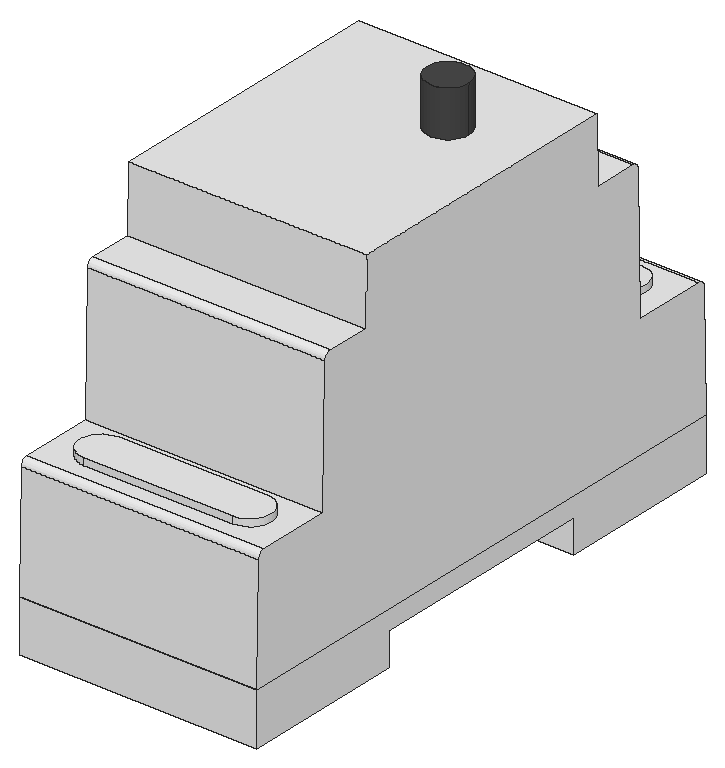
Revit family "DEVIreg 330_RFA_1", category Data Devices, host Face, Revit 2019
Family settings
  Host = Face
  Maintain Annotation Orientation = No
  Round Connector Dimension = Use Diameter
  Part Type = Normal
  OmniClass Number = 23.85.50.17
  OmniClass Title = Communication and Data Processing Equipment
  Cut with Voids When Loaded = No
  Shared = No
  Room Calculation Point = No
Parameters (values of type "DEVIreg™ 330 (-10 °C - +10 °C)_140F1070")
  Weight = 0.83 kg  # constant formula
  WarrantyStartDate = ""
  WarrantyGuarantorParts = ""
  WarrantyGuarantorLabor = ""
  WarrantyDurationUnit = ""
  WarrantyDurationParts = ""
  WarrantyDurationLabor = ""
  WarrantyDescription = ""
  W = 36 mm  # constant formula
  Voltage = 230 V  # constant formula
  URL = "https://store.danfoss.com/en/Climate-Solutions-for-heating/Electric-heating/DEVI-electric-heating/Thermostats/c/11321?q=%3Arelevance%3Adanfoss_producttypehierarchydesc%3ADEVIreg%E2%84%A2+330+series&text="
  TagNumber = ""
  SustainabilityPerformance = ""
  Storage temperature = "-25 °C to 60 °C, 90% RH non-condensing"  # constant formula
  Standby power consumption = "0.25 W"  # constant formula
  Size = ""
  Shape = ""
  SerialNumber = ""
  Sensing unit = "NTC 15 kOhm at 25 °C"  # constant formula
  Resistive load = "Max 16 A (3680 W) @ 230 V"  # constant formula
  ReplacementCost = ""
  Protection class = "Class II"  # constant formula
  Power = 0.25 W  # constant formula
  Pollution degree  = "2 (domestic use)"  # constant formula
  Operating Temperature Range = "-10 °C  to +10 °C"
  NominalWidth = W  # 36 mm
  NominalLength = L  # 58 mm
  NominalHeight = H  # 85 mm
  Name = ""
  Mounting method = "DIN rail"  # constant formula
  ModelReference = ""
  ModelNumber = ""
  Model Type = "DEVIreg™ 330 (-10 °C - +10 °C)"
  Model = "140F1070"
  Material = ""
  Marking = "D330"  # constant formula
  Manufacturer = "Danfoss"  # constant formula
  LOD 350 = not(LOD 200)  # yes
  LOD 200 = no
  L = D  # 58 mm
  InstallationDate = ""
  Inductive load = "Max. 1 A, cos φ = 0.3"  # constant formula
  IfcExportType = "DEVIreg 330"  # constant formula
  IfcExportAs = "IfcElectricApplianceType"  # constant formula
  IP Rating = "20"  # constant formula
  Hysteresis = "± 0.2 °C"
  H = 85 mm  # constant formula
  Grade = ""
  Finish = ""
  Features = ""
  ExpectedLife = ""
  DurationUnit = ""
  Description = "Electronic thermostat"  # constant formula
  Default Elevation = 0 mm
  D = 58 mm  # constant formula
  Controller type = "1 B"  # constant formula
  Constituents = ""
  Color = ""
  CodePerformance = ""
  Category = ""
  Cable specification for connector terminals, max. = "1 x 4 mm² or 2 x 2.5 mm²"  # constant formula
  Body Material = Danfoss Plastic White
  BarCode = ""
  AssetType = ""
  AssetIdentifier = ""
  Ambient Temperature Range = "-10 °C to +50 °C"  # constant formula
  AccessibilityPerformance = ""
Types (4, lengths in mm): name | Operating Temperature Range | Model Type | Model | Hysteresis
  (no name) | "-10 °C  to +10 °C" | "DEVIreg™ 330 (-10 °C - +10 °C)" | "140F1070" | "± 0.2 °C"
  DEVIreg™ 330 (5 °C - 45 °C)_140F1072 | "5 °C  to 45 °C" | "DEVIreg™ 330 (5 °C - 45 °C)" | "140F1072" | "± 0.2 °C"
  DEVIreg™ 330 (-10 °C - +10 °C)_140F1070 | "-10 °C  to +10 °C" | "DEVIreg™ 330 (-10 °C - +10 °C)" | "140F1070" | "± 0.2 °C"
  DEVIreg™ 330 (60 °C -160 °C)_140F1073 | "60 °C  to 160 °C" | "DEVIreg™ 330 (60 °C -160 °C)" | "140F1073" | "± 0.4 °C"
Reference planes
  plane 1 "Center (Front/Back)": y = 0
  plane 2: z = 0
  plane 3 "Center (Left/Right)": x = 0
  plane 4: x = -18
  plane 5: x = 18
  plane 6: y = -42.5
  plane 7: y = 42.5
  plane 8: z = 58
  plane 9: z = 52
Forms (mm)
  Extrusion 1, solid, material "Danfoss Plastic White" <- "Body Material", visible <- "LOD 350", detail levels fine
    sketch origin (0, 0, 8) x (0, 1, 0) y (0, 0, 1)
      loop
        line (-42.5, 0) -> (42.5, 0) -> (42.194, 17.517)
        arc (42.194, 17.517) -> (41.895, 18.213) -> (41.194, 18.5) r 1
        line (41.194, 18.5) -> (38.75, 18.5) -> (38.75, 19.5) -> (32.25, 19.5) -> (32.25, 18.5) -> (30, 18.5) -> (29.659, 39.017)
        arc (29.659, 39.017) -> (29.36, 39.713) -> (28.659, 40) r 1
        line (28.659, 40) -> (22, 40) -> (21.825, 50) -> (-21.825, 50) -> (-22, 40) -> (-28.659, 40)
        arc (-28.659, 40) -> (-29.36, 39.713) -> (-29.659, 39.017) r 1
        line (-29.659, 39.017) -> (-30, 18.5) -> (-32.25, 18.5) -> (-32.25, 19.5) -> (-38.75, 19.5) -> (-38.75, 18.5) -> (-41.194, 18.5)
        arc (-41.194, 18.5) -> (-41.895, 18.213) -> (-42.194, 17.517) r 1
        line (-42.194, 17.517) -> (-42.5, 0)
    from -18 to 18
  Extrusion 2, void
    sketch origin (0, 0, 0) x (1, 0, 0) y (0, 1, 0)
      loop
        line (18, 38.75) -> (11.25, 38.75)
        arc (11.25, 38.75) -> (14.5, 35.5) -> (11.25, 32.25) r 3.25
        line (11.25, 32.25) -> (18, 32.25) -> (18, 38.75)
      loop
        line (-18, 32.25) -> (-11.25, 32.25)
        arc (-11.25, 32.25) -> (-14.5, 35.5) -> (-11.25, 38.75) r 3.25
        line (-11.25, 38.75) -> (-18, 38.75) -> (-18, 32.25)
      loop
        line (18, -32.25) -> (11.25, -32.25)
        arc (11.25, -32.25) -> (14.5, -35.5) -> (11.25, -38.75) r 3.25
        line (11.25, -38.75) -> (18, -38.75) -> (18, -32.25)
      loop
        line (-18, -38.75) -> (-11.25, -38.75)
        arc (-11.25, -38.75) -> (-14.5, -35.5) -> (-11.25, -32.25) r 3.25
        line (-11.25, -32.25) -> (-18, -32.25) -> (-18, -38.75)
    from 26.5 to 27.5
  Extrusion 3, solid, material "Danfoss Plastic Black", visible <- "LOD 350", detail levels fine
    sketch origin (0, 0, 0) x (1, 0, 0) y (0, 1, 0)
      loop
        circle (6.2, 8.4) r 3.2
    from 58 to 65
  Extrusion 4, solid, material "Danfoss Plastic White" <- "Body Material", visible <- "LOD 200", detail levels medium+fine
    sketch origin (0, 0, 8) x (0, 1, 0) y (0, 0, 1)
      loop
        line (42.5, 18.5) -> (30, 18.5) -> (30, 50) -> (-30, 50) -> (-30, 18.5) -> (-42.5, 18.5) -> (-42.5, 0) -> (42.5, 0) -> (42.5, 18.5)
    from -18 to 18
  Extrusion 5, solid, material "Danfoss Plastic White" <- "Body Material", detail levels coarse+medium
    sketch origin (0, 0, 0) x (0, 1, 0) y (0, 0, 1)
      loop
        line (42.5, 58) -> (-42.5, 58) -> (-42.5, 0) -> (42.5, 0) -> (42.5, 58)
    from -18 to 18
  Extrusion 6, void
    sketch origin (0, 0, 0) x (0, 1, 0) y (0, 0, 1)
      loop
        line (-17.5, 0) -> (17.5, 0) -> (17.5, 5) -> (-17.5, 5) -> (-17.5, 0)
    from -22.447 to 21.03
  Extrusion 7, solid, material "Danfoss Plastic White", detail levels fine
    sketch origin (0, 0, 0) x (0, 1, 0) y (0, 0, 1)
      loop
        line (-42.5, 8) -> (-42.5, 0) -> (42.5, 0) -> (42.5, 8) -> (-42.5, 8)
    from -18 to 18
Cuts and joins
  Extrusion 2, Extrusion 6 cuts Extrusion 1
  Extrusion 6 cuts Extrusion 4
  Extrusion 6 cuts Extrusion 7
Dimensions and locks
  "W": plane 4 to plane 5
  "H": plane 7 to plane 6
  locked: plane 7 to Extrusion 4 sketch curve at 12.5
  locked: Extrusion 4 sketch curve to plane 6 at 12.5
  equal spacing: plane 4, plane 3 "Center (Left/Right)", plane 5
  equal spacing: plane 6, plane 1 "Center (Front/Back)", plane 7
  "D": host face to plane 8
  host face to plane 9 = 52 mm
  equal spacing: Extrusion 6 sketch curve, plane 1 "Center (Front/Back)", Extrusion 6 sketch curve
  Extrusion 6 sketch curve to Extrusion 6 sketch curve = 35 mm
  locked: Extrusion 6 sketch curve to plane 2 at 5
  aligned and locked: plane 2 to host face
  aligned and locked: level to host face
  aligned and locked: Extrusion 1 to plane 4
  aligned and locked: Extrusion 1 to plane 5
  aligned and locked: plane 7 to Extrusion 4 sketch curve
  aligned and locked: Extrusion 4 sketch curve to plane 6
  aligned and locked: Extrusion 4 to plane 4
  aligned and locked: Extrusion 4 to plane 5
  aligned and locked: plane 7 to Extrusion 5 sketch curve
  aligned and locked: Extrusion 5 sketch curve to plane 6
  aligned and locked: host face to Extrusion 5 sketch curve
  aligned and locked: Extrusion 5 to plane 5
  aligned and locked: Extrusion 5 to plane 4
  aligned and locked: Extrusion 7 sketch curve to cut or joined group of Extrusion 1, Extrusion 2, Extrusion 6  (x2)
  aligned and locked: level to Extrusion 7 sketch curve
  aligned and locked: plane 7 to Extrusion 7 sketch curve
  aligned and locked: Extrusion 6 sketch curve to level
  aligned and locked: Extrusion 7 to plane 4
  aligned and locked: Extrusion 7 to plane 5
  aligned and locked: Extrusion 5 to cut or joined group of Extrusion 1, Extrusion 2, Extrusion 6
Automatic sketch dimensions
  host sketch curve to host sketch curve = 2438.4 mm  (x2)
  level to Extrusion 1 sketch curve = 8 mm
  Extrusion 1 sketch curve to plane 6 = 0 mm
  Extrusion 1 sketch curve to plane 7 = 0 mm
  plane 6 to Extrusion 1 sketch curve = 0.306 mm
  plane 6 to Extrusion 1 sketch curve = 1.306 mm
  Extrusion 1 sketch curve to Extrusion 1 sketch curve = 2.444 mm
  Extrusion 1 sketch curve to Extrusion 1 sketch curve = 6.5 mm
  Extrusion 1 sketch curve to Extrusion 1 sketch curve = 2.25 mm  (x2)
  plane 6 to Extrusion 1 sketch curve = 12.841 mm
  Extrusion 1 sketch curve to Extrusion 1 sketch curve = 1 mm  (x5)
  Extrusion 1 sketch curve to Extrusion 1 sketch curve = 6.659 mm  (x2)
  Extrusion 1 sketch curve to Extrusion 1 sketch curve = 0.175 mm  (x2)
  plane 7 to Extrusion 1 sketch curve = 20.675 mm
  plane 7 to Extrusion 1 sketch curve = 12.5 mm
  plane 7 to Extrusion 1 sketch curve = 3.75 mm
  plane 7 to Extrusion 1 sketch curve = 1.306 mm
  plane 7 to Extrusion 1 sketch curve = 0.306 mm
  level to Extrusion 1 sketch curve = 25.5 mm  (x2)
  Extrusion 1 sketch curve to Extrusion 1 sketch curve = 0.017 mm  (x3)
  Extrusion 1 sketch curve to Extrusion 1 sketch curve = 0 mm  (x2)
  Extrusion 2 sketch curve to plane 4 = 0 mm  (x2)
  Extrusion 2 sketch curve to plane 5 = 0 mm  (x2)
  plane 4 to Extrusion 2 sketch curve = 6.75 mm  (x2)
  plane 5 to Extrusion 2 sketch curve = 6.75 mm  (x2)
  plane 6 to Extrusion 2 sketch curve = 3.75 mm  (x2)
  Extrusion 2 sketch curve to Extrusion 2 sketch curve = 3.25 mm  (x4)
  Extrusion 2 sketch curve to Extrusion 2 sketch curve = 6.5 mm  (x2)
  plane 7 to Extrusion 2 sketch curve = 10.25 mm  (x2)
  plane 7 to Extrusion 2 sketch curve = 3.75 mm  (x2)
  Extrusion 2 sketch curve to Extrusion 2 sketch curve = 0 mm  (x12)
  plane 3 "Center (Left/Right)" to Extrusion 3 sketch curve = 6.2 mm
  Extrusion 3 sketch curve to plane 1 "Center (Front/Back)" = 8.4 mm
  Extrusion 4 sketch curve to Extrusion 4 sketch curve = 18.5 mm
  level to Extrusion 4 sketch curve = 26.5 mm
  plane 8 to Extrusion 1 sketch curve = 11 mm  (x2)
  plane 8 to Extrusion 1 sketch curve = 0 mm
  plane 8 to Extrusion 4 sketch curve = 0 mm
  plane 8 to Extrusion 5 sketch curve = 0 mm
  plane 1 "Center (Front/Back)" to Extrusion 6 sketch curve = 17.5 mm
  plane 9 to Extrusion 4 sketch curve = 25.5 mm
  radius of Extrusion 3 sketch curve = 3.2 mm
Connectors
  electrical at (4.5, 0, 8), driven by "Voltage", driven by "Power"
    settings: on cut or joined group of Extrusion 1, Extrusion 2, Extrusion 6, index 1, voltage 230 V, apparent load 0.25 W, apparent load phase1 0 W, apparent load phase2 0 W, apparent load phase3 0 W, power factor 0.95, load classification "Power", number of poles 1, system type 30, power factor state 1, is connector primary yes, connector utility no, sub classification motor no, connector description ""
